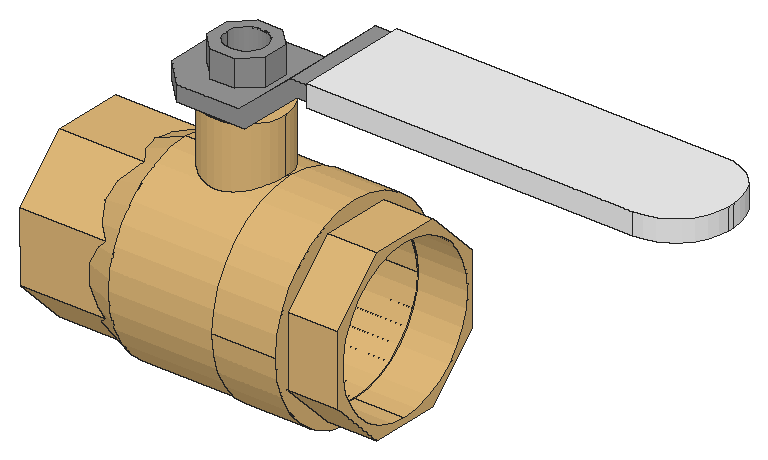
Revit family "X410C-Ball-Valve", category Pipe Accessories, Revit 2018
Family settings
  Round Connector Dimension = Use Diameter
  Part Type = Valve - Breaks Into
  OmniClass Number = 23.60.30.11.14
  OmniClass Title = Pipework Fittings
  Work Plane-Based = No
  Always vertical = Yes
  Cut with Voids When Loaded = No
  Shared = No
Parameters
  Weight [instance] = size_lookup(LookupTable, "Weight", "NA", Nominal Diameter)  # "1.61 lbs."
  URL = "http://www.fnw.com"
  Standards Lookup Table = "Standards"  # constant formula
  Product ID [instance] = size_lookup(LookupTable, "ProductID", "NA", Nominal Diameter)  # "4834890"
  Pipe Diameter [instance] = size_lookup(Standards Lookup Table, "pipe_dia", 0", Nominal Diameter)  # 1.66"
  Part Number [instance] = size_lookup(LookupTable, "PartNumber", "NA", Nominal Diameter)  # "FNWX410CH"
  PIpe Radius [instance] = Pipe Diameter / 2  # 0.83"
  NPT Insert [instance] = size_lookup(Standards Lookup Table, "NPT_insert", 0", Nominal Diameter)  # 0.7068"
  Manufacturer = "FNW"  # constant formula
  Description BOM [instance] = size_lookup(LookupTable, "Description_BOM", "NA", Nominal Diameter)  # "Lead Law Compliant 1-1/4 BRS 600# WOG THRD 2PC Full Port BV"
  1_Z2 [instance] = size_lookup(LookupTable, "1_Z2", 0", Nominal Diameter)  # 0.1644"
  1_Z1 [instance] = size_lookup(LookupTable, "1_Z1", 0", Nominal Diameter)  # 0.4799"
  Z3 [instance] = size_lookup(LookupTable, "Z3", 0", Nominal Diameter)  # 9/32"
  Z2 [instance] = size_lookup(LookupTable, "Z2", 0", Nominal Diameter)  # 1.7157"
  Z1 [instance] = size_lookup(LookupTable, "Z1", 0", Nominal Diameter)  # 1.5907"
  1_Y1 [instance] = size_lookup(LookupTable, "1_Y1", 0", Nominal Diameter)  # 1 1/8"
  1_X4 [instance] = size_lookup(LookupTable, "1_X4", 0", Nominal Diameter)  # 0.50095"
  1_X1 [instance] = size_lookup(LookupTable, "1_X1", 0", Nominal Diameter)  # 1.0019"
  1_X3 [instance] = size_lookup(LookupTable, "1_X3", 0", Nominal Diameter)  # 5.12"
  X7 [instance] = size_lookup(LookupTable, "X7", 0", Nominal Diameter)  # 1.675"
  X5 [instance] = size_lookup(LookupTable, "X5", 0", Nominal Diameter)  # 0.5301"
  X4 [instance] = size_lookup(LookupTable, "X4", 0", Nominal Diameter)  # 0.67"
  X3 [instance] = size_lookup(LookupTable, "X3", 0", Nominal Diameter)  # 1.1081"
  X2 [instance] = size_lookup(LookupTable, "X2", 0", Nominal Diameter)  # 0.335"
  1_X2 [instance] = size_lookup(LookupTable, "1_X2", 0", Nominal Diameter)  # 0.4799"
  X1 [instance] = size_lookup(LookupTable, "X1", 0", Nominal Diameter)  # 0.7068"
  Show Lever Clearance [instance] = no
  R3 [instance] = size_lookup(LookupTable, "R3", 0", Nominal Diameter)  # 1.045"
  R2 [instance] = size_lookup(LookupTable, "R2", 0", Nominal Diameter)  # 1.0241"
  R1_Diam [instance] = R1 * 2  # 1.7738"
  R1 [instance] = size_lookup(LookupTable, "R1", 0", Nominal Diameter)  # 0.8869"
  Nominal Radius [instance] = Nominal Diameter / 2  # 5/8"
  Nominal Diameter [instance] = 1 1/4"
  LookupTable = "X410C-Ball-Valve"  # constant formula
  HexAngle1 [instance] = 135.00°
  D3 [instance] = size_lookup(LookupTable, "D3", 0", Nominal Diameter)  # 5/8"
  D2 [instance] = size_lookup(LookupTable, "D2", 0", Nominal Diameter)  # 7/16"
  D1 [instance] = size_lookup(LookupTable, "D1", 0", Nominal Diameter)  # 0.8375"
Reference planes (in)
  plane 1 "Center (Front/Back)": y = 0
  plane 2: z = 0
  plane 3 "Center (Left/Right)": x = 0
  plane 4 "X7 End": x = -1.675
  plane 5 "D1 Top": z = 1.5907
  plane 6 "D2 Top": z = 1.7157
  plane 7: x = -0.9682
  plane 8: x = -0.6332
  plane 9: x = 0.4749
  plane 10 "Face EXT": x = 1.1449
  plane 11: x = 1.675
  plane 12 "R3 Top": z = 1.045
  plane 13 "R2 Top": z = 1.0241
  plane 14 "R1 Top": z = 0.8869
  plane 15: x = 1.14
  plane 16 "Pipe radius": z = 0.83
  plane 17 "NPT": x = -0.9682
  plane 18 "NPT 2": x = 0.9682
Forms (in)
  Extrusion 1, solid, material "Brass"
    sketch origin (0, 0, 0) x (1, 0, 0) y (0, 1, 0)
      loop
        circle (0, 0) r 0.21875
    from 1.5907 to 1.7157
  Revolve 2, solid, material "Brass"
    sketch origin (0, 0, 0) x (1, 0, 0) y (0, 0, 1)
      loop
        line (-0.9682, 0.8869) -> (-0.9682, 0.83) -> (0.4749, 0.83) -> (0.4749, 1.0241) -> (-0.6332, 1.0241) -> (-0.9682, 0.8869)
      axis (0.4749, 0) -> (-0.9682, 0)
    angle from 0 to 360
  Sweep 3, solid, material "Brass"
    path origin (0, 0, 0) x (1, 0, 0) y (0, 0, 1)
      loop
        line (-1.675, 0) -> (1.675, 0)
    profile origin (0, 0, 0) x (0, 0, 1) y (0, -1, 0)
      loop
        circle (0, 0) r 0.83
      loop
        line (0.36737, 0.8869) -> (-0.36737, 0.8869) -> (-0.8869, 0.36737) -> (-0.8869, -0.36737) -> (-0.36737, -0.8869) -> (0.36737, -0.8869) -> (0.8869, -0.36737) -> (0.8869, 0.36737) -> (0.36737, 0.8869)
  Extrusion 4, solid, material "Brass"
    sketch origin (0, 0, 0) x (0, 1, 0) y (0, 0, 1)
      loop
        circle (0, 0) r 1.045
      loop
        circle (0, 0) r 0.83
    from 0.4749 to 1.1449
  Extrusion 5, solid, material "Brass"
    sketch origin (0, 0, 0.83) x (-1, 0, 0) y (0, -1, 0)
      loop
        circle (0, 0) r 0.41875
    from 0 to 0.7607
  Extrusion 6, solid, material "Brass", not visible
    sketch origin (-0.9682, 0, 0) x (0, 0, 1) y (0, -1, 0)
      loop
        circle (0, 0) r 0.625
    from 0 to 1.9364
Dimensions and locks (in)
  "X7": plane 4 "X7 End" to plane 3 "Center (Left/Right)"
  "Z1": plane 5 "D1 Top" to plane 2
  "Z2": plane 6 "D2 Top" to plane 2
  "X1": plane 4 "X7 End" to plane 7
  "X2": plane 8 to plane 7
  "X3": plane 9 to plane 8
  "X4": plane 10 "Face EXT" to plane 9
  "X5": plane 11 to plane 10 "Face EXT"
  "R3": plane 12 "R3 Top" to plane 2
  "R2": plane 13 "R2 Top" to plane 2
  "R1": plane 14 "R1 Top" to plane 2
  "PIpe Radius": Revolve 2 sketch curve to plane 2
  equal spacing: Sweep 3 sketch curve, plane 1 "Center (Front/Back)", Sweep 3 sketch curve  (x4)
  "R1_Diam": Sweep 3 sketch curve to Sweep 3 sketch curve  (x4)
  Sweep 3 to Sweep 3 = 1.7738"  (x5)
  "R1_Diam": Sweep 3 to Sweep 3  (x4)
  "PIpe Radius": plane 16 "Pipe radius" to plane 2
  "NPT Insert": plane 4 "X7 End" to plane 17 "NPT"
  "NPT Insert": plane 11 to plane 18 "NPT 2"
  "D2": diameter of Extrusion 1 sketch curve
  "R3": radius of Extrusion 4 sketch curve
  "PIpe Radius": radius of Extrusion 4 sketch curve
  "PIpe Radius": radius of Sweep 3 sketch curve
  radius of Sweep 3 sketch curve = 0.83"
  "D1": diameter of Extrusion 5 sketch curve
  "Nominal Radius": radius of Extrusion 6 sketch curve
  angle Sweep 3 sketch curve to Sweep 3 sketch curve = 135.00°  (x6)
  angle Sweep 3 to Sweep 3 = 135.00°  (x6)
  aligned and locked: plane 2 to level
  aligned and locked: Extrusion 1 to plane 5 "D1 Top"
  aligned and locked: plane 6 "D2 Top" to Extrusion 1
  aligned and locked: Revolve 2 sketch curve to plane 13 "R2 Top"
  aligned and locked: plane 7 to Revolve 2 sketch curve
  aligned and locked: Extrusion 4 to plane 9
  aligned and locked: plane 10 "Face EXT" to Extrusion 4
  aligned and locked: Sweep 3 sketch curve to level
  aligned and locked: plane 5 "D1 Top" to Extrusion 5
  aligned and locked: plane 18 "NPT 2" to Extrusion 6
Automatic sketch dimensions
  plane 4 "X7 End" to Sweep 3 sketch curve = 0"
  Sweep 3 sketch curve to plane 11 = 0"
  plane 1 "Center (Front/Back)" to Extrusion 1 sketch curve = 0"
  Extrusion 1 sketch curve to plane 3 "Center (Left/Right)" = 0"
  Revolve 2 sketch curve to level = 0"
  Revolve 2 sketch curve to plane 8 = 0"
  Revolve 2 sketch curve to plane 9 = 0"
  Revolve 2 sketch curve to plane 14 "R1 Top" = 0"
  plane 4 "X7 End" to Revolve 2 sketch curve = 1.81248"
  plane 11 to Revolve 2 sketch curve = 3.50422"
  Sweep 3 sketch curve to plane 1 "Center (Front/Back)" = 0"
  profile plane to Sweep 3 sketch curve = 0"
  Extrusion 4 sketch curve to Extrusion 4 sketch curve = 0"  (x2)
  Extrusion 4 sketch curve to level = 0"
  Extrusion 4 sketch curve to plane 1 "Center (Front/Back)" = 0"
  plane 1 "Center (Front/Back)" to Extrusion 5 sketch curve = 0"
  Extrusion 5 sketch curve to plane 3 "Center (Left/Right)" = 0"
  Extrusion 6 sketch curve to level = 0"
  Extrusion 6 sketch curve to plane 1 "Center (Front/Back)" = 0"
Nested families (in)
  nested 1: "Nested Lever White - X410C" at (0, 0, 1.7157), D3 <- "D3", 1_X1 <- "1_X1", 1_X2 <- "1_X2", 1_X3 <- "1_X3", 1_X4 <- "1_X4", 1_Y1 <- "1_Y1", 1_Z1 <- "1_Z1", 1_Z2 <- "1_Z2", Show Lever Clearance <- "Show Lever Clearance", Z3 <- "Z3", type "Nested Lever White - X410C"
    with Z3 9/32", Void_Outer_Radius 5/8", Void_Outer 1 1/4", Show Lever Clearance no, Grip_L3 0.2269", Grip_L2 0.19565", Grip_L1 1/32", D3_Half 0.20833", D3 5/8", Clearance Hieght 6", Angle Hex Head 135.00°, 1_Z2 0.1644", 1_Z1 0.4799", 1_Y1_Half 9/16", 1_Y1 1 1/8", 1_X4 0.50095", 1_X3_and_1__Y1_Half 5.6825", 1_X3 5.12", 1_X2 0.4799", 1_X1 1.0019"
Connectors (in)
  piping at (-0.9682, 0, 0), diameter 1.25, driven by "Nominal Diameter"
    settings: on Extrusion 6, index 1, connector inside diameter 24", connector length 0", flow factor 0, pipe flow 0 GPM, pressure drop 0.00 psi, fitting loss kfactor 0, connector angle 0.00°, fixture units 0, engagement length 0", angle of deflection 0.00°, flow configuration 0, flow direction 0, fitting loss method 0, system type 7, joint type 0, gender type 0, connector reference index 2, connector utility 0, adjustable connector no, is connector primary yes, connector description ""
  piping at (0.9682, 0, 0), diameter 1.25, driven by "Nominal Diameter"
    settings: on Extrusion 6, index 2, connector inside diameter 24", connector length 0", flow factor 0, pipe flow 0 GPM, pressure drop 0.00 psi, fitting loss kfactor 0, connector angle 0.00°, fixture units 0, engagement length 0", angle of deflection 0.00°, flow configuration 0, flow direction 0, fitting loss method 0, system type 7, joint type 0, gender type 0, connector reference index 1, connector utility 0, adjustable connector no, is connector primary no, connector description ""
Definition of nested family "Nested Lever White - X410C"
  Parameters (values of type "Nested Lever")
    Z3 [instance] = 1/8"
    Angle 2 = 45.00°
    1_Z2 [instance] = 1/8"
    1_Z1 [instance] = 1 1/4"
    1_Y1_Half [instance] = [1_Y1] / 2  # 1"
    1_Y1 [instance] = 2"
    1_X1 [instance] = 2 1/2"
    1_X3_and_1__Y1_Half [instance] = [1_X3] + [1_Y1_Half]  # 13.66198"
    1_X3 [instance] = 12.66198"
    1_X2 [instance] = 1 1/2"
    Void_Outer_Radius [instance] = Void_Outer / 2  # 1 1/16"
    Void_Outer [instance] = [1_Y1] + Grip_L1 * 4  # 2 1/8"
    Show Lever Clearance [instance] = yes
    Grip_L3 [instance] = Grip_L1 + Grip_L2  # 3/16"
    Grip_L1 [instance] = 1/32"  # constant formula
    Grip_L2 [instance] = [1_Z2] + Grip_L1  # 5/32"
    Default Elevation = 48"
    D3_Half [instance] = D3 / 3  # 0.23251"
    D3 [instance] = 0.69752"
    Clearance Hieght [instance] = 6"  # constant formula
    Angle Hex Head [instance] = 135.00°
    1_X4 [instance] = 0"
  Reference planes (in)
    plane 1 "Center (Front/Back)": y = 0
    plane 2: z = 0
    plane 3 "Center (Left/Right)": x = 0
    plane 4: z = 0.125
    plane 5: x = -1
    plane 6: x = 12.66198
    plane 7: y = 1
    plane 8: y = -1
    plane 9: x = 1.5
    plane 10: x = 3
    plane 11: z = 1.375
    plane 12: z = 1.25
    plane 13: z = 0.25
    plane 14: z = 1.40625
    plane 15: z = 1.21875
    plane 16: x = 3.15625
    plane 17: y = 1.03125
    plane 18: y = -1.03125
  Forms (in)
    Extrusion 1, solid
      sketch origin (0, 0, 0) x (1, 0, 0) y (0, 1, 0)
        loop
          line (-48, 48) -> (-48, -48) -> (48, -48) -> (48, 48) -> (-48, 48)
      from 0 to -12
    Extrusion 2, solid
      sketch origin (0, 0, 0) x (1, 0, 0) y (0, 0, 1)
        loop
          line (1.30132, 0) -> (1.5, 0) -> (3.04425, 1.25) -> (4.15625, 1.25) -> (4.15625, 1.375) -> (3, 1.375) -> (1.30132, 0)
      from -1 to 1
    Extrusion 3, solid
      sketch origin (0, 0, 0) x (1, 0, 0) y (0, 1, 0)
        loop
          line (0.34876, 0.14446) -> (0.14446, 0.34876) -> (-0.14446, 0.34876) -> (-0.34876, 0.14446) -> (-0.34876, -0.14446) -> (-0.14446, -0.34876) -> (0.14446, -0.34876) -> (0.34876, -0.14446) -> (0.34876, 0.14446)
        loop
          circle (0, 0) r 0.23251
      from 0.125 to 0.25
    Extrusion 4, solid
      sketch origin (0, 0, 0) x (1, 0, 0) y (0, 1, 0)
        loop
          line (11.66198, 1.03125) -> (3.15625, 1.03125) -> (3.15625, -1.03125) -> (11.66198, -1.03125)
          arc (11.66198, -1.03125) -> (12.36908, -0.73836) -> (12.66198, -0.03125) r 1
          line (12.66198, -0.03125) -> (12.66198, 0.03125)
          arc (12.66198, 0.03125) -> (12.36908, 0.73836) -> (11.66198, 1.03125) r 1
      from 1.21875 to 1.40625
    Extrusion 5, solid, visible <- "Show Lever Clearance"
      sketch origin (0, 0, 0) x (1, 0, 0) y (0, 1, 0)
        loop
          line (-1, 1) -> (-1, -12.66198)
          arc (-1, -12.66198) -> (8.66048, -8.66048) -> (12.66198, 1) r 13.66198
          line (12.66198, 1) -> (-1, 1)
      from 0 to 6 <- "Clearance Hieght"
    Extrusion 6, solid
      sketch origin (0, 0, 0) x (1, 0, 0) y (0, 1, 0)
        loop
          line (1.5, -1) -> (1.5, 1) -> (-0.5, 1) -> (-1, 0.5) -> (-1, -0.5) -> (-0.5, -1) -> (1.5, -1)
      from 0 to 0.125
  Cuts and joins
    joined: Extrusion 2, Extrusion 6
  Lines and regions (in)
    reference lines
      curve 1: line (0, 0, 3.375) -> (0, 0, -1.625)
  Dimensions and locks (in)
    "1_Z2": plane 4 to plane 2
    "1_Y1_Half": plane 3 "Center (Left/Right)" to plane 5
    "1_X3": plane 6 to plane 3 "Center (Left/Right)"
    equal spacing: plane 7, plane 1 "Center (Front/Back)", plane 8
    "1_Y1": plane 7 to plane 8
    "1_X1": plane 9 to plane 5
    "1_X2": plane 10 to plane 9
    "1_Z1": plane 11 to plane 4
    "1_Z2": plane 11 to plane 12
    equal spacing: Extrusion 3 sketch curve, curve 1, Extrusion 3 sketch curve  (x4)
    "D3": Extrusion 3 sketch curve to Extrusion 3 sketch curve  (x4)
    "Z3": plane 13 to plane 4
    "Grip_L1": plane 14 to plane 11
    "Grip_L2": plane 11 to plane 15
    "Grip_L2": plane 16 to plane 10
    "Grip_L1": plane 8 to plane 18
    "Grip_L1": plane 17 to plane 7
    "1_Y1_Half": plane 16 to Extrusion 2
    "1_X3_and_1__Y1_Half": Extrusion 5 sketch curve to Extrusion 5 sketch curve  (x2)
    equal spacing: Extrusion 6 sketch curve, plane 1 "Center (Front/Back)", Extrusion 6 sketch curve
    "1_Y1_Half": Extrusion 6 sketch curve to Extrusion 6 sketch curve
    "1_Z2": Extrusion 2 sketch curve to Extrusion 2 sketch curve
    "D3_Half": radius of Extrusion 3 sketch curve
    "1_Y1_Half": radius of Extrusion 4 sketch curve  (x2)
    "1_X3_and_1__Y1_Half": radius of Extrusion 5 sketch curve
    "Angle Hex Head": angle Extrusion 3 sketch curve to Extrusion 3 sketch curve  (x6)
    "Angle 2": angle plane 5 to Extrusion 6 sketch curve
    "Angle 2": angle Extrusion 6 sketch curve to plane 5
    aligned and locked: plane 2 to Extrusion 1
    aligned and locked: level to Extrusion 1
    aligned and locked: plane 10 to Extrusion 2 sketch curve
    aligned and locked: plane 12 to Extrusion 2 sketch curve
    aligned and locked: plane 11 to Extrusion 2 sketch curve
    aligned and locked: curve 1 to plane 3 "Center (Left/Right)"
    aligned and locked: plane 4 to Extrusion 3
    aligned and locked: Extrusion 3 to plane 13
    aligned and locked: Extrusion 4 sketch curve to plane 16
    aligned and locked: Extrusion 4 sketch curve to plane 18
    aligned and locked: plane 17 to Extrusion 4 sketch curve
    aligned and locked: Extrusion 4 to plane 15
    aligned and locked: Extrusion 4 to plane 14
    aligned and locked: Extrusion 2 to plane 8
    aligned and locked: plane 7 to Extrusion 2
    aligned and locked: plane 9 to Extrusion 6 sketch curve
    aligned and locked: Extrusion 6 sketch curve to plane 5
    aligned and locked: Extrusion 6 to plane 4
  Automatic sketch dimensions
    Extrusion 1 sketch curve to Extrusion 1 sketch curve = 96"  (x2)
    curve 1 to level = 1 5/8"
    curve 1 to plane 11 = 2"
    Extrusion 2 sketch curve to level = 0"
    Extrusion 2 sketch curve to plane 9 = 0"
    plane 16 to Extrusion 2 sketch curve = 1"
    plane 1 "Center (Front/Back)" to Extrusion 3 sketch curve = 0"
    Extrusion 3 sketch curve to plane 3 "Center (Left/Right)" = 0"
    Extrusion 4 sketch curve to plane 6 = 0"
    Extrusion 5 sketch curve to plane 5 = 0"
    Extrusion 5 sketch curve to plane 7 = 0"
    Extrusion 6 sketch curve to plane 8 = 0"
    Extrusion 6 sketch curve to plane 7 = 0"
